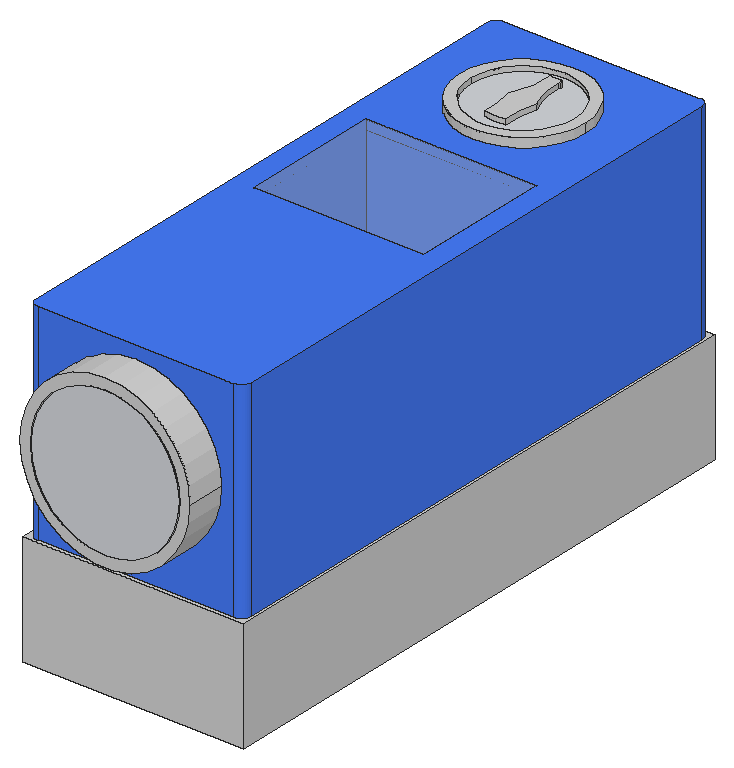
Revit family "Building-IEC309Connections-GEWISS-66IB-INTERLOCKED-SOCKET-OUTLETS-HD_IP66_WITH_BOTTOM_FUS", category Apparecchi elettrici, host Superficie, Revit 2019
Family settings
  Host = Superficie
  Mantenere orientamento annotazione = Sì
  Quota connettore circolare = Usa diametro
  Tipo di parte = Normale
  Taglio con vuoti quando caricato = Sì
  Condiviso = Sì
  Punto di calcolo locali = Sì
Parameters (values of type "GW66973 - I.SOCKET IP66 W.B.3P+E 32A 380V 3H CBF")
  voltaggio = 0 V
  vetro = Default - Vetro
  presa = Grigio RAL - 7035
  giallo = 0 mm
  dist_piano [instance] = 0 mm
  Working temperature = "-25 ÷ +40 °C"
  With back-mounting box = "Yes"
  Vista_2d_pianta [instance] = yes
  Version file RFA = "21.4"
  URL = "https://www.gewiss.com/ww/en"
  Typology = "Vertical"
  Type of use = "Heavy duty"
  Type of fuse = "Ø 10.3x38 mm"
  Thermo-pressure with ball = "80 °C"
  Technical sheet = "https://www.gewiss.com/ww/en/search?q=GW66973"
  Struttura = Grigio RAL - 7035
  Simbolo presa = PRESAINDSTAGNA : 3P
  Simbolo [instance] = no
  Simb_circuito [instance] = not(Simbolo)  # yes
  Shock resistance = "> IK10"
  SEO = "Socket outlet"
  Reference h = "3"
  Realized by GEWISS S.p.A. = ""
  Rated voltage = "380-440V"
  Rated frequency (Hz) = "50/60 Hz"
  Rated current (In) = "32"
  Rated current (A) = "32"
  Protection = "Fuse-holder base (CBF)"
  Default Elevation = 1219.2 mm
  Produttore = "GEWISS S.p.A."
  Operating temperature: = "-25 +40 °C"
  Number of poles = "3P+E"
  No. of poles = "3P+E"
  N_poli = 1
  Modello = "GW66973"
  Impact resistance at -20 Â°C = "20J"
  Immagine tipo = S.jpg
  IP degree = "IP66"
  IDT = "59f79668-9a62-484f-b845-13f84bd98f98"
  IDF = "521e3e45-4fc9-41b1-a2a9-ba7bf81b8660"
  Glow wire test: = "850 °C"
  Glow Wire Test = "850 °C"
  Frequency = "50/60 Hz"
  Electrocod = "2222"
  EAN code = "8011564074446"
  Distanza x [instance] = 500 mm
  Distanza orizzontale simbolo [instance] = 0 mm
  Distanza effettiva x [instance] = 1500 mm - Distanza x  # 1000 mm
  Descrizione = "I.SOCKET IP66 W.B.3P+E 32A 380V 3H CBF"
  Corpo presa = Light Blue
  Cornice simbolo [instance] = yes
  Colour: = "Red"
  Colour = "Red"
  Catalogue Range = "66 IB"
  Catalogue = "BUILDING"
  COBie.Tagnumber = ""
  COBie.CreatedOn = ""
  COBie.CreatebBy = ""
  COBie.ComponentRegisterItemID = ""
  COBie.Component.TagNumber = ""
  COBie.Component.Space = ""
  COBie.Component.SerialNumber = ""
  COBie.Component.InstallationDate = ""
  COBie.Component.Description = ""
  COBie.Component.BarCode = ""
Types (34, lengths in mm): name | Type of fuse | Technical sheet | Reference h | Rated voltage | Rated current (In) | Rated current (A) | Number of poles | No. of poles | Modello | IDT | EAN code | Descrizione | Colour: | Colour
  GW66951 - I.SOCKET IP66 W.B.2P+E 16A 110V 4H CBF | "Ø 10.3x38 mm" | "https://www.gewiss.com/ww/en/search?q=GW66951" | "4" | "100-130V" | "16" | "16" | "2P+E" | "2P+E" | "GW66951" | "77a16d08-d05d-436b-a638-9a520e0a916f" | "8011564074125" | "I.SOCKET IP66 W.B.2P+E 16A 110V 4H CBF" | "Yellow" | "Yellow"
  GW66952 - I.SOCKET IP66 W.B.3P+E 16A 110V 4H CBF | "Ø 10.3x38 mm" | "https://www.gewiss.com/ww/en/search?q=GW66952" | "4" | "100-130V" | "16" | "16" | "3P+E" | "3P+E" | "GW66952" | "0ba77439-ff9c-4f3f-9c02-b0f44112d6f4" | "8011564074132" | "I.SOCKET IP66 W.B.3P+E 16A 110V 4H CBF" | "Yellow" | "Yellow"
  GW66953 - I.SOCKET IP66 W.B.3P+N+E 16A 110V 4H CBF | "Ø 10.3x38 mm" | "https://www.gewiss.com/ww/en/search?q=GW66953" | "4" | "100-130V" | "16" | "16" | "3P+N+E" | "3P+N+E" | "GW66953" | "4fdf56c5-f387-4149-95c8-33f3b1c23906" | "8011564074149" | "I.SOCKET IP66 W.B.3P+N+E 16A 110V 4H CBF" | "Yellow" | "Yellow"
  GW66954 - I.SOCKET IP66 W.B.2P+E 16A 230V 6H CBF | "Ø 10.3x38 mm" | "https://www.gewiss.com/ww/en/search?q=GW66954" | "6" | "200-250V" | "16" | "16" | "2P+E" | "2P+E" | "GW66954" | "3e202847-07fc-45d7-bda5-fb93b8c9a3e8" | "8011564074156" | "I.SOCKET IP66 W.B.2P+E 16A 230V 6H CBF" | "Blue" | "Blue"
  GW66955 - I.SOCKET IP66 W.B.3P+E 16A 230V 9H CBF | "Ø 10.3x38 mm" | "https://www.gewiss.com/ww/en/search?q=GW66955" | "9" | "200-250V" | "16" | "16" | "3P+E" | "3P+E" | "GW66955" | "fd46b90d-e5e3-4956-a696-3ebcf95b063b" | "8011564074163" | "I.SOCKET IP66 W.B.3P+E 16A 230V 9H CBF" | "Blue" | "Blue"
  GW66956 - I.SOCKET IP66 W.B.3P+N+E 16A 230V 9H CBF | "Ø 10.3x38 mm" | "https://www.gewiss.com/ww/en/search?q=GW66956" | "9" | "200-250V" | "16" | "16" | "3P+N+E" | "3P+N+E" | "GW66956" | "ea60be22-a0f3-4bb7-af8e-793f577707a2" | "8011564074170" | "I.SOCKET IP66 W.B.3P+N+E 16A 230V 9H CBF" | "Blue" | "Blue"
  GW66957 - I.SOCKET IP66 W.B.2P+E 16A 400V 9H CBF | "Ø 10.3x38 mm" | "https://www.gewiss.com/ww/en/search?q=GW66957" | "9" | "380-415V" | "16" | "16" | "2P+E" | "2P+E" | "GW66957" | "22719024-076b-47a7-8da9-556821273217" | "8011564074187" | "I.SOCKET IP66 W.B.2P+E 16A 400V 9H CBF" | "Red" | "Red"
  GW66958 - I.SOCKET IP66 W.B.3P+E 16A 400V 6H CBF | "Ø 10.3x38 mm" | "https://www.gewiss.com/ww/en/search?q=GW66958" | "6" | "380-415V" | "16" | "16" | "3P+E" | "3P+E" | "GW66958" | "18091085-3874-47bf-858c-fe3d6af9821e" | "8011564074194" | "I.SOCKET IP66 W.B.3P+E 16A 400V 6H CBF" | "Red" | "Red"
  GW66959 - I.SOCKET IP66 W.B.3P+N+E 16A 400V 6H CBF | "Ø 10.3x38 mm" | "https://www.gewiss.com/ww/en/search?q=GW66959" | "6" | "380-415V" | "16" | "16" | "3P+N+E" | "3P+N+E" | "GW66959" | "e1550aca-8da8-48d1-8781-ae7db2d35301" | "8011564074200" | "I.SOCKET IP66 W.B.3P+N+E 16A 400V 6H CBF" | "Red" | "Red"
  GW66960 - I.SOCKET IP66 W.B.3P+E 16A 500V 7H CBF | "Ø 10.3x38 mm" | "https://www.gewiss.com/ww/en/search?q=GW66960" | "7" | "480-500V" | "16" | "16" | "3P+E" | "3P+E" | "GW66960" | "d7495dcc-acf0-492c-ba92-12a28033f899" | "8011564074217" | "I.SOCKET IP66 W.B.3P+E 16A 500V 7H CBF" | "Black" | "Black"
  GW66961 - I.SOCKET IP66 W.B.3P+N+E 16A 500V 7H CBF | "Ø 10.3x38 mm" | "https://www.gewiss.com/ww/en/search?q=GW66961" | "7" | "480-500V" | "16" | "16" | "3P+N+E" | "3P+N+E" | "GW66961" | "59197029-f5e3-4807-b249-af1dcef282a9" | "8011564074224" | "I.SOCKET IP66 W.B.3P+N+E 16A 500V 7H CBF" | "Black" | "Black"
  GW66962 - I.SOCKET IP66 W.B.2P+E 32A 110V 4H CBF | "Ø 10.3x38 mm" | "https://www.gewiss.com/ww/en/search?q=GW66962" | "4" | "100-130V" | "32" | "32" | "2P+E" | "2P+E" | "GW66962" | "0174e0f9-c837-4417-8108-0a5fd59bd433" | "8011564074231" | "I.SOCKET IP66 W.B.2P+E 32A 110V 4H CBF" | "Yellow" | "Yellow"
  GW66963 - I.SOCKET IP66 W.B.3P+E 32A 110V 4H CBF | "Ø 10.3x38 mm" | "https://www.gewiss.com/ww/en/search?q=GW66963" | "4" | "100-130V" | "32" | "32" | "3P+E" | "3P+E" | "GW66963" | "dbafdcd0-0294-4897-926c-47405c64bfc0" | "8011564074248" | "I.SOCKET IP66 W.B.3P+E 32A 110V 4H CBF" | "Yellow" | "Yellow"
  GW66964 - I.SOCKET IP66 W.B.3P+N+E 32A 110V 4H CBF | "Ø 10.3x38 mm" | "https://www.gewiss.com/ww/en/search?q=GW66964" | "4" | "100-130V" | "32" | "32" | "3P+N+E" | "3P+N+E" | "GW66964" | "a774811b-0e65-418e-a89e-a328dc662e21" | "8011564074262" | "I.SOCKET IP66 W.B.3P+N+E 32A 110V 4H CBF" | "Yellow" | "Yellow"
  GW66965 - I.SOCKET IP66 W.B.2P+E 32A 230V 6H CBF | "Ø 10.3x38 mm" | "https://www.gewiss.com/ww/en/search?q=GW66965" | "6" | "200-250V" | "32" | "32" | "2P+E" | "2P+E" | "GW66965" | "915ca8b9-37c9-4227-86d2-249dba3c8e49" | "8011564074279" | "I.SOCKET IP66 W.B.2P+E 32A 230V 6H CBF" | "Blue" | "Blue"
  GW66966 - I.SOCKET IP66 W.B.3P+E 32A 230V 9H CBF | "Ø 10.3x38 mm" | "https://www.gewiss.com/ww/en/search?q=GW66966" | "9" | "200-250V" | "32" | "32" | "3P+E" | "3P+E" | "GW66966" | "56c86cc2-3662-45e7-8e3e-32ba20f85f30" | "8011564074293" | "I.SOCKET IP66 W.B.3P+E 32A 230V 9H CBF" | "Blue" | "Blue"
  GW66967 - I.SOCKET IP66 W.B.3P+N+E 32A 230V 9H CBF | "Ø 10.3x38 mm" | "https://www.gewiss.com/ww/en/search?q=GW66967" | "9" | "200-250V" | "32" | "32" | "3P+N+E" | "3P+N+E" | "GW66967" | "6eb632ad-a5c7-4f64-b716-eabf1988ad11" | "8011564074316" | "I.SOCKET IP66 W.B.3P+N+E 32A 230V 9H CBF" | "Blue" | "Blue"
  GW66968 - I.SOCKET IP66 W.B.2P+E 32A 400V 9H CBF | "Ø 10.3x38 mm" | "https://www.gewiss.com/ww/en/search?q=GW66968" | "9" | "380-415V" | "32" | "32" | "2P+E" | "2P+E" | "GW66968" | "8b2cf3b7-3e00-4d91-b67b-ba699850a180" | "8011564074330" | "I.SOCKET IP66 W.B.2P+E 32A 400V 9H CBF" | "Red" | "Red"
  GW66969 - I.SOCKET IP66 W.B.3P+E 32A 400V 6H CBF | "Ø 10.3x38 mm" | "https://www.gewiss.com/ww/en/search?q=GW66969" | "6" | "380-415V" | "32" | "32" | "3P+E" | "3P+E" | "GW66969" | "e5de6570-401b-41f6-895c-401fe7aee057" | "8011564074354" | "I.SOCKET IP66 W.B.3P+E 32A 400V 6H CBF" | "Red" | "Red"
  GW66970 - I.SOCKET IP66 W.B.3P+N+E 32A 400V 6H CBF | "Ø 10.3x38 mm" | "https://www.gewiss.com/ww/en/search?q=GW66970" | "6" | "380-415V" | "32" | "32" | "3P+N+E" | "3P+N+E" | "GW66970" | "eea5df71-cefb-4ce5-984b-0a58a1a287ee" | "8011564074385" | "I.SOCKET IP66 W.B.3P+N+E 32A 400V 6H CBF" | "Red" | "Red"
  GW66971 - I.SOCKET IP66 W.B.3P+E 32A 500V 7H CBF | "Ø 10.3x38 mm" | "https://www.gewiss.com/ww/en/search?q=GW66971" | "7" | "480-500V" | "32" | "32" | "3P+E" | "3P+E" | "GW66971" | "a9a200c6-cfaa-490e-999c-3634bcc81537" | "8011564074408" | "I.SOCKET IP66 W.B.3P+E 32A 500V 7H CBF" | "Black" | "Black"
  GW66972 - I.SOCKET IP66 W.B.3P+N+E 32A 500V 7H CBF | "Ø 10.3x38 mm" | "https://www.gewiss.com/ww/en/search?q=GW66972" | "7" | "480-500V" | "32" | "32" | "3P+N+E" | "3P+N+E" | "GW66972" | "3cdd2804-0457-4869-a626-f720ae38ba8c" | "8011564074422" | "I.SOCKET IP66 W.B.3P+N+E 32A 500V 7H CBF" | "Black" | "Black"
  GW66973 - I.SOCKET IP66 W.B.3P+E 32A 380V 3H CBF | "Ø 10.3x38 mm" | "https://www.gewiss.com/ww/en/search?q=GW66973" | "3" | "380-440V" | "32" | "32" | "3P+E" | "3P+E" | "GW66973" | "59f79668-9a62-484f-b845-13f84bd98f98" | "8011564074446" | "I.SOCKET IP66 W.B.3P+E 32A 380V 3H CBF" | "Red" | "Red"
  GW66847 - I.SOCKET IP66 W.B.2P+E 63A 110V 4H CBF | "Ø 22x58 mm" | "https://www.gewiss.com/ww/en/search?q=GW66847" | "4" | "100-130V" | "63" | "63" | "2P+E" | "2P+E" | "GW66847" | "e68c307b-a0d0-4fee-9524-99ff79b81537" | "8011564067097" | "I.SOCKET IP66 W.B.2P+E 63A 110V 4H CBF" | "Yellow" | "Yellow"
  GW66848 - I.SOCKET IP66 W.B.3P+E 63A 110V 4H CBF | "Ø 22x58 mm" | "https://www.gewiss.com/ww/en/search?q=GW66848" | "4" | "100-130V" | "63" | "63" | "3P+E" | "3P+E" | "GW66848" | "52559620-c344-4adb-bc40-4ea8332d2950" | "8011564067110" | "I.SOCKET IP66 W.B.3P+E 63A 110V 4H CBF" | "Yellow" | "Yellow"
  GW66849 - I.SOCKET IP66 W.B.3P+N+E 63A 110V 4H CBF | "Ø 22x58 mm" | "https://www.gewiss.com/ww/en/search?q=GW66849" | "4" | "100-130V" | "63" | "63" | "3P+N+E" | "3P+N+E" | "GW66849" | "eb040864-0d8b-41da-91e0-50107eb10800" | "8011564067226" | "I.SOCKET IP66 W.B.3P+N+E 63A 110V 4H CBF" | "Yellow" | "Yellow"
  GW66850 - I.SOCKET IP66 W.B.2P+E 63A 230V 6H CBF | "Ø 22x58 mm" | "https://www.gewiss.com/ww/en/search?q=GW66850" | "6" | "200-250V" | "63" | "63" | "2P+E" | "2P+E" | "GW66850" | "eefe36f2-bc81-4d8a-8236-9f3d222724ef" | "8011564067233" | "I.SOCKET IP66 W.B.2P+E 63A 230V 6H CBF" | "Blue" | "Blue"
  GW66851 - I.SOCKET IP66 W.B.3P+E 63A 230V 9H CBF | "Ø 22x58 mm" | "https://www.gewiss.com/ww/en/search?q=GW66851" | "9" | "200-250V" | "63" | "63" | "3P+E" | "3P+E" | "GW66851" | "fa7b3253-5295-40f6-8163-20254eb27370" | "8011564067240" | "I.SOCKET IP66 W.B.3P+E 63A 230V 9H CBF" | "Blue" | "Blue"
  GW66852 - I.SOCKET IP66 W.B.3P+N+E 63A 230V 9H CBF | "Ø 22x58 mm" | "https://www.gewiss.com/ww/en/search?q=GW66852" | "9" | "200-250V" | "63" | "63" | "3P+N+E" | "3P+N+E" | "GW66852" | "d48338a4-e2f1-4cb6-929f-40b65af53ed8" | "8011564067257" | "I.SOCKET IP66 W.B.3P+N+E 63A 230V 9H CBF" | "Blue" | "Blue"
  GW66853 - I.SOCKET IP66 W.B.2P+E 63A 400V 9H CBF | "Ø 22x58 mm" | "https://www.gewiss.com/ww/en/search?q=GW66853" | "9" | "380-415V" | "63" | "63" | "2P+E" | "2P+E" | "GW66853" | "59d537fa-1783-4b3f-a4ad-54901816a19a" | "8011564067264" | "I.SOCKET IP66 W.B.2P+E 63A 400V 9H CBF" | "Red" | "Red"
  GW66854 - I.SOCKET IP66 W.B.3P+E 63A 400V 6H CBF | "Ø 22x58 mm" | "https://www.gewiss.com/ww/en/search?q=GW66854" | "6" | "380-415V" | "63" | "63" | "3P+E" | "3P+E" | "GW66854" | "a8afba74-b3c3-4dcd-a520-62ec0bdd5349" | "8011564067271" | "I.SOCKET IP66 W.B.3P+E 63A 400V 6H CBF" | "Red" | "Red"
  GW66855 - I.SOCKET IP66 W.B.3P+N+E 63A 400V 6H CBF | "Ø 22x58 mm" | "https://www.gewiss.com/ww/en/search?q=GW66855" | "6" | "380-415V" | "63" | "63" | "3P+N+E" | "3P+N+E" | "GW66855" | "23338731-f61e-4df9-8361-4e10255c2abc" | "8011564067288" | "I.SOCKET IP66 W.B.3P+N+E 63A 400V 6H CBF" | "Red" | "Red"
  GW66856 - I.SOCKET IP66 W.B.3P+E 63A 500V 7H CBF | "Ø 22x58 mm" | "https://www.gewiss.com/ww/en/search?q=GW66856" | "7" | "480-500V" | "63" | "63" | "3P+E" | "3P+E" | "GW66856" | "45f49ca2-6e14-4f7a-bc93-10a4721ab685" | "8011564067295" | "I.SOCKET IP66 W.B.3P+E 63A 500V 7H CBF" | "Black" | "Black"
  GW66857 - I.SOCKET IP66 W.B.3P+N+E 63A 500V 7H CBF | "Ø 22x58 mm" | "https://www.gewiss.com/ww/en/search?q=GW66857" | "7" | "480-500V" | "63" | "63" | "3P+N+E" | "3P+N+E" | "GW66857" | "86f2eb9d-9b02-49d2-b492-8f5a2808bb30" | "8011564067387" | "I.SOCKET IP66 W.B.3P+N+E 63A 500V 7H CBF" | "Black" | "Black"
Reference planes
  plane 1 "Centro (Fronte/Retro)": y = 0
  plane 2: z = 0
  plane 3 "Centro (Sinistra/Destra)": x = 0
  plane 4: z = -2
  plane 5: x = -500
  plane 6: x = -1500
  plane 7: x = -500
  plane 8: through (-170.762, -4572, -38.353) normal (-0.6157, 0, 0.788)
  plane 9: x = -51.152
  plane 10: x = 53.222
  plane 11: z = -2
  plane 12: x = -74
  plane 13: x = 74
  plane 14: y = 392
  plane 15: y = -2
Forms (mm)
  Extrusion 1, solid, material "Grigio RAL - 7035" <- "Struttura"
    sketch origin (0, 0, 0) x (1, 0, 0) y (0, 1, 0)
      loop
        line (-74, 392) -> (-74, -2) -> (74, -2) -> (74, 392) -> (-74, 392)
    from -2 to 73
Lines and regions (mm)
  Masking region 1, visible <- "Vista_2d_pianta"
    outline origin (0, 0, 0) x (1, 0, 0) y (0, 0, 1)
  Masking region 2, visible <- "Vista_2d_pianta"
    outline origin (0, 0, 0) x (1, 0, 0) y (0, 0, 1)
      loop
        line (-74, 0) -> (74, 0) -> (74, 219) -> (-74, 219) -> (-74, 0)
Dimensions and locks
  locked: plane 2 to plane 4 at 2
  "Distanza effettiva x": plane 5 to plane 6
  plane 3 "Centro (Sinistra/Destra)" to plane 6 = 1500 mm
  plane 6 to plane 5 = 1000 mm
  "Distanza effettiva x": plane 6 to plane 7
  locked: plane 15 to plane 1 "Centro (Fronte/Retro)" at 2
  locked: plane 12 to nested 1 at 2
  locked: nested 1 to plane 13 at 2
  locked: plane 14 to nested 1 at 2
  locked: Extrusion 1 to plane 11 at 75
  "dist_piano": plane 11 to plane 4
  angle plane 8 to plane 4 = 142.00°
  angle plane 7 to plane 8 = 128.00°
  aligned and locked: plane 2 to host face
  aligned and locked: level to host face
  aligned and locked: plane 3 "Centro (Sinistra/Destra)" to nested 1
  aligned and locked: plane 7 to nested 2
  aligned and locked: plane 7 to nested 3
  aligned and locked: Extrusion 1 sketch curve to plane 12
  aligned and locked: Extrusion 1 sketch curve to plane 14
  aligned and locked: Extrusion 1 sketch curve to plane 13
  aligned and locked: Extrusion 1 sketch curve to plane 15
  aligned and locked: Extrusion 1 to nested 1
  aligned and locked: Extrusion 1 to plane 11
  aligned and locked: Masking region 2 to plane 12
  aligned and locked: plane 13 to Masking region 2
  aligned and locked: Masking region 2 to level
  aligned and locked: Masking region 2 to nested 1
Automatic sketch dimensions
  host sketch curve to host sketch curve = 2438.4 mm  (x2)
  Masking region 2 sketch curve to plane 10 = 20.778 mm
  plane 9 to Masking region 2 sketch curve = 22.848 mm
  level to Masking region 2 sketch curve = 0 mm
  Masking region 2 sketch curve to Masking region 2 sketch curve = 219 mm
Nested families
  nested 1: "GW66866_master" at (0, 0, -2), type "GW66866_master", detail levels medium+fine
  nested 2: "simbolo_circuitoGW66324N" at (-500, 30.442, 0), Distanza dal muro <- "Distanza orizzontale simbolo", SIMBOLO ACCESO <- "Simb_circuito", type "3P"
  nested 3: "PRESAINDSTAGNA" at (-500, 23.722, 0), Distanza dal muro <- "Distanza orizzontale simbolo", SIMBOLO ACCESO <- "Simbolo", type "3P"
    with SIMBOLO ACCESO no, Distanza dal muro 0 mm, BORDO ACCESO yes
Connectors
  electrical at (0, -26, 147.929), driven by "N_poli", driven by "voltaggio"
    settings: on nested 1, index 1, voltage 0 V, apparent load 0 VA, apparent load phase1 0 VA, apparent load phase2 0 VA, apparent load phase3 0 VA, power factor 1, load classification "Altro", number of poles 1, system type 31, power factor state 1, is connector primary yes, connector utility no, sub classification motor no, connector description ""
Definition of nested family "GW66866_master"
  Parameters (values of type "GW66866_master")
    w = 144 mm
    d_piano = 75 mm
    corpo presa = none
    Vetro = none
    Struttura = none
    Spessore = 30 mm
    Raggio = 40 mm
    Default Elevation = 14 mm
    Presa = none
    Lunghezza = 103 mm
    IFC.TypeObject = ""
    IFC.ExportType = ""
    IFC.ExportAs = ""
    H_da terra = 586.883 mm
    COBie.CreatedOn = ""
    COBie.CreatebBy = ""
    COBie.ComponentRegisterItemID = ""
    COBie.Component.TagNumber = ""
    COBie.Component.Space = ""
    COBie.Component.SerialNumber = ""
    COBie.Component.InstallationDate = ""
    COBie.Component.Description = ""
    COBie.Component.BarCode = ""
    Altezza = 390 mm
  Reference planes
    plane 1 "Centro (Fronte/Retro)": y = 0
    plane 2: z = 0
    plane 3 "Centro (Sinistra/Destra)": x = 0
    plane 4 "presa": z = 231
    plane 5: z = 221
    plane 6: z = 215
    plane 7: x = -72
    plane 8: x = 72
    plane 9: y = 390
    plane 10: y = 0
    plane 11: y = 324
    plane 12: z = 218
    plane 13: y = 217
    plane 14: x = -57
    plane 15: x = 57
    plane 16: y = 264
    plane 17: y = 170
    plane 18: z = 84.858
    plane 19: z = 208.562
    plane 20: z = 75
    plane 21: z = 149.929
    plane 22 "presa fronte": y = -26
  Forms (mm)
    Extrusion 1, solid, material <- "Struttura"
      sketch origin (0, -427.104, -30) x (1, 0, 0) y (0, 1, 0)
        loop
          circle (0, 751.104) r 34.75
        loop
          circle (0, 751.104) r 42.079
      from 245 to 251
    Extrusion 2, solid, material <- "Struttura"
      sketch origin (0, -427.104, -30) x (1, 0, 0) y (0, 1, 0)
        loop
          arc (-9.552, 750.899) -> (-7.429, 739.645) -> (-7.314, 728.193) r 64.983
          arc (-7.314, 728.193) -> (-0.131, 727.067) -> (7.064, 728.115) r 24.316
          arc (7.064, 728.115) -> (7.302, 739.566) -> (9.547, 750.796) r 64.983
          arc (9.547, 750.796) -> (5.519, 762.425) -> (4.215, 774.661) r 54.251
          line (4.215, 774.661) -> (4.25, 777.658)
          arc (4.25, 777.658) -> (3.985, 778.329) -> (3.336, 778.647) r 1
          arc (3.336, 778.647) -> (0.147, 778.794) -> (-3.043, 778.682) r 39.364
          arc (-3.043, 778.682) -> (-3.695, 778.371) -> (-3.967, 777.702) r 1
          line (-3.967, 777.702) -> (-3.964, 774.706)
          arc (-3.964, 774.706) -> (-5.4, 762.483) -> (-9.552, 750.899) r 54.251
      from 245 to 251
    Extrusion 3, solid, material <- "corpo presa"
      sketch origin (-2.5, -699.604, -30) x (1, 0, 0) y (0, 1, 0)
        loop
          arc (74.5, 1083.298) -> (72.653, 1087.757) -> (68.194, 1089.604) r 6.306
          line (68.194, 1089.604) -> (-63.194, 1089.604)
          arc (-63.194, 1089.604) -> (-67.653, 1087.757) -> (-69.5, 1083.298) r 6.306
          line (-69.5, 1083.298) -> (-69.5, 706.118)
          arc (-69.5, 706.118) -> (-67.592, 701.512) -> (-62.985, 699.604) r 6.515
          line (-62.985, 699.604) -> (67.985, 699.604)
          arc (67.985, 699.604) -> (72.592, 701.512) -> (74.5, 706.118) r 6.515
          line (74.5, 706.118) -> (74.5, 1083.298)
      from 105 to 245
    Extrusion 4, solid
      sketch origin (0, 0, 231) x (0, -1, 0) y (1, 0, 0)
        loop
          circle (-324, 0) r 34.75
      from -16 to -13
    Extrusion 5, void
      sketch origin (0, 0, 231) x (0, -1, 0) y (1, 0, 0)
        loop
          line (-170, -57) -> (-170, 57) -> (-264, 57) -> (-264, -57) -> (-170, -57)
      from -146.142 to -16
    Extrusion 6, solid, material <- "Vetro"
      sketch origin (0, 0, 231) x (0, -1, 0) y (1, 0, 0)
        loop
          line (-170, -57) -> (-170, 57) -> (-264, 57) -> (-264, -57) -> (-170, -57)
      from -22.438 to -16
    Extrusion 7, solid, material <- "Presa"
      sketch origin (0, 0, 0) x (1, 0, 0) y (0, 0, 1)
        loop
          circle (0, 149.929) r 57
        loop
          circle (0, 149.929) r 50
      from 0 to 26
    Extrusion 8, solid
      sketch origin (0, 0, 0) x (1, 0, 0) y (0, 0, 1)
        loop
          circle (0, 149.929) r 50
      from 0 to 26
  Cuts and joins
    Extrusion 5 cuts Extrusion 3
  Lines and regions (mm)
    symbolic lines
      curve 1: line (0, -26, 199.929) -> (0, -26, 99.929)
      curve 2: line (50, -26, 149.929) -> (-50, -26, 149.929)
  Dimensions and locks
    locked: plane 5 to plane 4 "presa" at 10
    locked: plane 6 to plane 5 at 6
    equal spacing: plane 7, plane 3 "Centro (Sinistra/Destra)", plane 8
    "w": plane 7 to plane 8
    "Altezza": plane 1 "Centro (Fronte/Retro)" to plane 9
    locked: plane 9 to plane 11 at 66
    locked: plane 12 to plane 6 at 3
    locked: plane 9 to plane 13 at 173
    equal spacing: plane 14, plane 3 "Centro (Sinistra/Destra)", plane 15
    plane 14 to plane 15 = 114 mm
    equal spacing: plane 16, plane 13, plane 17
    locked: plane 16 to plane 17 at 94
    locked: plane 6 to plane 19 at 6.438
    plane 6 to plane 20 = 140 mm
    "d_piano": plane 20 to level
    locked: plane 18 to plane 20 at 9.858
    locked: plane 22 "presa fronte" to plane 10 at 26
    diameter of Extrusion 1 sketch curve = 69.5 mm
    radius of Extrusion 4 sketch curve = 34.75 mm
    aligned and locked: level to plane 2
    aligned and locked: Extrusion 1 to Extrusion 3
    aligned and locked: Extrusion 2 to Extrusion 1
    aligned and locked: Extrusion 1 to Extrusion 2
    aligned and locked: Extrusion 3 to plane 6
    aligned and locked: Extrusion 1 to plane 5
    aligned and locked: Extrusion 3 sketch curve to plane 7
    aligned and locked: Extrusion 3 sketch curve to plane 8
    aligned and locked: Extrusion 3 sketch curve to plane 9
    aligned and locked: plane 10 to Extrusion 3 sketch curve
    aligned and locked: plane 10 to plane 1 "Centro (Fronte/Retro)"
    aligned and locked: plane 11 to Extrusion 1 sketch curve
    aligned and locked: plane 3 "Centro (Sinistra/Destra)" to Extrusion 1 sketch curve
    aligned and locked: plane 3 "Centro (Sinistra/Destra)" to Extrusion 4 sketch curve
    aligned and locked: plane 11 to Extrusion 4 sketch curve
    aligned and locked: plane 6 to Extrusion 4
    aligned and locked: plane 12 to Extrusion 4
    aligned and locked: Extrusion 5 sketch curve to plane 14
    aligned and locked: Extrusion 5 sketch curve to plane 17
    aligned and locked: Extrusion 5 sketch curve to plane 15
    aligned and locked: Extrusion 5 sketch curve to plane 16
    aligned and locked: Extrusion 5 to plane 18
    aligned and locked: Extrusion 5 to plane 6
    aligned and locked: Extrusion 6 sketch curve to plane 14
    aligned and locked: Extrusion 6 sketch curve to plane 17
    aligned and locked: Extrusion 6 sketch curve to plane 16
    aligned and locked: Extrusion 6 sketch curve to plane 15
    aligned and locked: Extrusion 6 to plane 19
    aligned and locked: Extrusion 6 to plane 6
    aligned and locked: plane 20 to cut or joined group of Extrusion 3, Extrusion 5
    aligned and locked: plane 3 "Centro (Sinistra/Destra)" to Extrusion 7 sketch curve
    aligned and locked: plane 21 to Extrusion 7 sketch curve
    aligned and locked: Extrusion 7 to plane 22 "presa fronte"
    aligned and locked: plane 3 "Centro (Sinistra/Destra)" to Extrusion 8 sketch curve
    aligned and locked: plane 21 to Extrusion 8 sketch curve
    aligned and locked: Extrusion 8 to plane 1 "Centro (Fronte/Retro)"
    aligned and locked: Extrusion 8 to plane 22 "presa fronte"
    aligned and locked: plane 3 "Centro (Sinistra/Destra)" to curve 1
    aligned and locked: curve 2 to plane 21
  Automatic sketch dimensions
    Extrusion 2 sketch curve to plane 3 "Centro (Sinistra/Destra)" = 0 mm
    Extrusion 2 sketch curve to plane 3 "Centro (Sinistra/Destra)" = 0.064 mm
    Extrusion 2 sketch curve to plane 3 "Centro (Sinistra/Destra)" = 2.967 mm
    Extrusion 2 sketch curve to Extrusion 2 sketch curve = 0.997 mm
    Extrusion 2 sketch curve to Extrusion 2 sketch curve = 1 mm  (x2)
    Extrusion 2 sketch curve to Extrusion 2 sketch curve = 54.251 mm
    Extrusion 2 sketch curve to Extrusion 2 sketch curve = 13.883 mm
    plane 3 "Centro (Sinistra/Destra)" to Extrusion 2 sketch curve = 3.25 mm
    Extrusion 2 sketch curve to Extrusion 2 sketch curve = 0.965 mm
    Extrusion 2 sketch curve to Extrusion 2 sketch curve = 54.25 mm
    Extrusion 2 sketch curve to Extrusion 2 sketch curve = 13.435 mm
    Extrusion 2 sketch curve to plane 1 "Centro (Fronte/Retro)" = 305.393 mm
    Extrusion 2 sketch curve to plane 1 "Centro (Fronte/Retro)" = 306.167 mm
    Extrusion 2 sketch curve to plane 1 "Centro (Fronte/Retro)" = 312.327 mm
    Extrusion 2 sketch curve to Extrusion 2 sketch curve = 11.953 mm
    Extrusion 2 sketch curve to Extrusion 2 sketch curve = 41.757 mm
    Extrusion 2 sketch curve to Extrusion 2 sketch curve = 23.278 mm
    Extrusion 2 sketch curve to Extrusion 2 sketch curve = 0.044 mm
    Extrusion 2 sketch curve to Extrusion 2 sketch curve = 41.61 mm
    Extrusion 2 sketch curve to Extrusion 2 sketch curve = 2.99 mm
    Extrusion 2 sketch curve to Extrusion 2 sketch curve = 0.007 mm
    Extrusion 2 sketch curve to Extrusion 2 sketch curve = 2.979 mm
    Extrusion 2 sketch curve to Extrusion 2 sketch curve = 0.018 mm
    Extrusion 2 sketch curve to Extrusion 2 sketch curve = 0 mm
    Extrusion 2 sketch curve to plane 3 "Centro (Sinistra/Destra)" = 7.314 mm
    Extrusion 2 sketch curve to Extrusion 2 sketch curve = 9.552 mm
    plane 3 "Centro (Sinistra/Destra)" to Extrusion 2 sketch curve = 7.064 mm
    Extrusion 3 sketch curve to Extrusion 3 sketch curve = 6.306 mm  (x2)
    Extrusion 3 sketch curve to Extrusion 3 sketch curve = 6.515 mm  (x2)
    Extrusion 1 sketch curve to Extrusion 1 sketch curve = 0 mm  (x2)
    Extrusion 7 sketch curve to Extrusion 7 sketch curve = 0 mm  (x2)
    plane 18 to curve 1 = 15.071 mm
    curve 1 to plane 19 = 8.633 mm
    curve 2 to plane 14 = 7 mm
    plane 15 to curve 2 = 7 mm
    radius of Extrusion 1 sketch curve = 42.079 mm
    radius of Extrusion 7 sketch curve = 57 mm
    radius of Extrusion 7 sketch curve = 50 mm
    radius of Extrusion 8 sketch curve = 50 mm
Definition of nested family "simbolo_circuitoGW66324N"
  Parameters (values of type "3P")
    SIMBOLO ACCESO [instance] = yes
    SIMBOLO = PRESAINDSTAGNA_BASE : 3P
    Distanza dal muro [instance] = 0 mm
    BORDO ACCESO [instance] = yes
  Reference planes
    plane 1: y = 0
    plane 2: x = 0
  Dimensions and locks
    "Distanza dal muro": plane 1 to nested 1
    aligned and locked: plane 2 to nested 1
  Nested families
    nested 1: "GW66201N-simb_base_di circuito" at (0, 0, 0), visible <- "SIMBOLO ACCESO", type "3P"
      with CORNICE SIMBOLO yes
  Definition of nested family "GW66201N-simb_base_di circuito"
    Parameters (values of type "3P")
      CORNICE SIMBOLO [instance] = yes
      3P = yes
    Types (2, lengths in mm): name | 3P
      3P | yes
      2P | no
    Reference planes
      plane 1: y = 0
      plane 2: x = 0
    Lines and regions (mm)
      detail lines, not visible
        curve 1: line (-2.443, 10.208, 0) -> (2.057, 10.208, 0)
        curve 2: line (2.057, 10.208, 0) -> (2.057, 4.208, 0)
        curve 3: line (2.057, 4.208, 0) -> (-2.443, 4.208, 0)
        curve 4: line (-2.443, 4.208, 0) -> (-2.443, 10.208, 0)
        curve 5: line (-2.043, 9.808, 0) -> (1.657, 9.808, 0)
        curve 6: line (1.657, 9.808, 0) -> (1.657, 4.608, 0)
        curve 7: line (1.657, 4.608, 0) -> (-2.043, 4.608, 0)
        curve 8: line (-2.043, 4.608, 0) -> (-2.043, 9.808, 0)
    Dimensions and locks
      aligned and locked: import instance to plane 2
      aligned and locked: plane 1 to import instance
Definition of nested family "PRESAINDSTAGNA"
  Parameters (values of type "3P")
    SIMBOLO ACCESO [instance] = yes
    SIMBOLO = PRESAINDSTAGNA_BASE : 3P
    Distanza dal muro [instance] = 0 mm
    BORDO ACCESO [instance] = yes
  Types (2): name
    2P
    3P
  Reference planes
    plane 1: y = 0
    plane 2: x = 0
  Dimensions and locks
    "Distanza dal muro": plane 1 to nested 1
    aligned and locked: plane 2 to nested 1
  Nested families
    nested 1: "PRESAINDSTAGNA_BASE" at (0, 0, 0), type <- "SIMBOLO", CORNICE SIMBOLO <- "BORDO ACCESO", visible <- "SIMBOLO ACCESO", type "3P"
  Definition of nested family "PRESAINDSTAGNA_BASE"
    Parameters (values of type "3P")
      CORNICE SIMBOLO [instance] = yes
      3P = yes
    Types (2, lengths in mm): name | 3P
      3P | yes
      2P | no
    Reference planes
      plane 1: y = 0
      plane 2: x = 0
    Lines and regions (mm)
      detail lines, not visible
        curve 1: line (-2.443, 10.208, 0) -> (2.057, 10.208, 0)
        curve 2: line (2.057, 10.208, 0) -> (2.057, 4.208, 0)
        curve 3: line (2.057, 4.208, 0) -> (-2.443, 4.208, 0)
        curve 4: line (-2.443, 4.208, 0) -> (-2.443, 10.208, 0)
        curve 5: line (-2.043, 9.808, 0) -> (1.657, 9.808, 0)
        curve 6: line (1.657, 9.808, 0) -> (1.657, 4.608, 0)
        curve 7: line (1.657, 4.608, 0) -> (-2.043, 4.608, 0)
        curve 8: line (-2.043, 4.608, 0) -> (-2.043, 9.808, 0)
      detail lines
        curve 9: line (-0.333, 0.928, 0) -> (-0.05, 0.928, 0)
        curve 10: line (-0.05, 0.928, 0) -> (0.417, 1.737, 0)
        curve 11: line (0.417, 1.737, 0) -> (0.764, 1.537, 0)
        curve 12: line (-0.05, 0.928, 0) -> (-0.333, 0.437, 0)
        curve 13: line (-0.333, 0.437, 0) -> (-0.333, 2.059, 0)
        curve 14: line (0.222, 1.399, 0) -> (0.569, 1.199, 0)
        curve 15: line (-0.723, 0.437, 0) -> (0.057, 0.437, 0)
        curve 16: line (-0.333, 0.81, 0) -> (-0.216, 0.928, 0)
        curve 17: line (-0.333, 0.741, 0) -> (-0.147, 0.928, 0)
        curve 18: line (-0.333, 0.672, 0) -> (-0.078, 0.928, 0)
        curve 19: line (-0.333, 0.603, 0) -> (-0.106, 0.831, 0)
        curve 20: line (-0.333, 0.534, 0) -> (-0.2, 0.668, 0)
        curve 22: arc (-0.723, 0.047, 0) -> (-0.333, 0.437, 0) -> (0.057, 0.047, 0) r 0.39
        curve 23: line (-0.8, 2.1, 0) -> (0.8, 2.1, 0)
        curve 24: line (-0.8, 0, 0) -> (-0.8, 2.1, 0)
        curve 25: line (0.8, 0, 0) -> (-0.8, 0, 0)
        curve 26: line (0.8, 2.1, 0) -> (0.8, 0, 0)
      detail lines, visible <- "3P"
        curve 21: line (0.028, 1.061, 0) -> (0.374, 0.861, 0)
